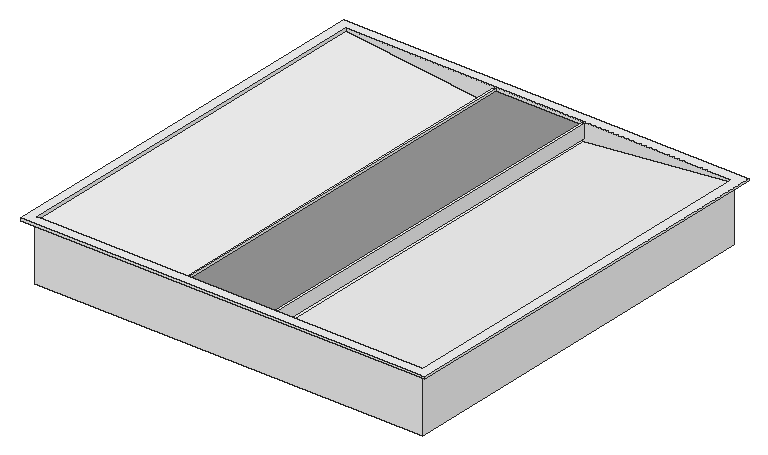
Revit family "2069252", category Lighting Fixtures, host Face, Revit 2017
Family settings
  Host = Face
  Round Connector Dimension = Use Diameter
  Part Type = Normal
  OmniClass Number = 23.80.70.11.17
  OmniClass Title = Specialized Lighting by Location or Use
  Cut with Voids When Loaded = No
  Light Source = Yes
  Shared = No
  Room Calculation Point = No
Parameters (values of type "2069252 OFFICELYTE 600 HO 3K")
  Width_SYL = 595.0 mm
  Weight = "6.0 kg"
  Wattage = 32 W
  WarrantyStartDate [instance] = "n/a"
  WarrantyGuarantorParts = "n/a"
  WarrantyDurationUnit = "n/a"
  WarrantyDurationParts = "n/a"
  WarrantyDescription = "n/a"
  built-in parameter 1150110 = 1 (stored number, unit not read)
  Voltage = 230 V
  URL = "http://www.sylvania-lighting.com"
  TypeName = "OFFICELYTE 600 HO 3K"
  built-in parameter 1114217 = 1 (stored number, unit not read)
  Tilt Angle = -90.00°
  built-in parameter 1150109 = 1 (stored number, unit not read)
  built-in parameter 1150134 = (empty or 0)
  built-in parameter 1150113 = 1 (stored number, unit not read)
  SerialNumber [instance] = "n/a"
  PowerFactor = 0.95
  PowerConsumption = "32 W"
  Photometric Web File = "2069252.ies"
  NominalWidth = 0.0 mm
  NominalLength = 595.0 mm
  NominalHeight = 87.0 mm
  Name = "OFFICELYTE 600 HO 3K"
  ModelReference = "OFFICELYTE 600 HO 3K"
  ModelNumber = "2069252"
  Material = "zintec housing, acrylic diffuser"
  ManufacturerName = "Feilo Sylvania"
  LuminousEfficacy = "135 lm/W"
  LuminaireType = ""
  LightOutputRatio = "100"
  Length_SYL = Width_SYL  # 595.0 mm
  LampsType = Lamp  # "LED"
  LampNominalLuminous = "4314 lm"
  LampMacAdamStep = "n/a"
  LampColourTemperature = "3000 K"
  LampColourRenderingIndex = "80"
  Keynote = "16500"
  InstallationDate [instance] = "n/a"
  InputVoltage = "230-240V~"
  InputNominalFrequency = "50/60 Hz"
  IngressProtection = "IP20"
  ImpactProtectionIndex = "IK02"
  IfcExportType = "IfcLightFixtureType"
  IfcExportAs = "IfcLightFixtureType"
  Height_SYL = 84.0 mm
  ExpectedLife = 50000
  ElectricShockClassification = "Class I"
  DurationUnit = "hours"
  DocumentationLiterature = "http://www.sylvania-lighting.com/product/en-int/products/2069252"
  DimmingControlOptions = "Non dimmable"
  Material_2_SYL = Acrylic_Sylvania_Officelyte LP LED_Satin_4000K
  CreatedOn = "8/23/2018"
  CreatedBy = ""
  built-in parameter 1114216 [instance] = 1 (stored number, unit not read)
  Model = "OFFICELYTE 600 HO 3K"
  Manufacturer = "Havells-Sylvania Group"  # constant formula
  built-in parameter 1150105 = 343.77 (stored number, unit not read)
  Lumens = 4320 lm
  built-in parameter 1150115 = 1 (stored number, unit not read)
  built-in parameter 1150137 = (empty or 0)
  built-in parameter 1150139 = (empty or 0)
  built-in parameter 1150112 = 1 (stored number, unit not read)
  built-in parameter 1150114 = 1 (stored number, unit not read)
  Lamp = "LED"
  built-in parameter 1150132 = 2
  built-in parameter 1150102 = (empty or 0)
  built-in parameter 1150107 = 3000 (stored number, unit not read)
  built-in parameter 1150138 = (empty or 0)
  built-in parameter 1150106 = 3.4377 (stored number, unit not read)
  Material_3_SYL = Steel_Sylvania_Officelyte LP LED_White_RAL 9016
  Emit from Rectangle Width = Width_SYL - 31.0 mm  # 564.0 mm
  Emit from Rectangle Length = Length_SYL - 31.0 mm  # 564.0 mm
  Emit Shape Visible in Rendering = no
  built-in parameter 1150104 = 12.542 (stored number, unit not read)
  Dimming Lamp Color Temperature Shift = <None>
  Material_1_SYL = Steel_Sylvania_Officelyte LP LED_White_RAL 9016
  Description = "The Concord OFFICELYTE LP LED HO 4K 600 is a high efficient luminaire for Office, education, meeting rooms. With efficacy of 95lm/W, at 4549lm, CRI of 85 and a very low glare ratio according to EN12464."  # constant formula
  Default Elevation = 0.0 mm
  Color Filter = 16777215
  built-in parameter 1140040 [instance] = 1
  BarCode [instance] = "n/a"
  built-in parameter 1114218 = 1 (stored number, unit not read)
  built-in parameter 1150133 = 10 (stored number, unit not read)
  AssetType = "Fixed"
  AssetIdentifier [instance] = "n/a"
  Assembly Code = "D5020200"
  Apparent Load = 32 VA
Reference planes
  plane 1 "Center (Front/Back)": y = 0
  plane 2: z = 0
  plane 3 "Center (Left/Right)": x = 0
  plane 4 "Fixture Bottom": z = 3
  plane 5 "Fixture Right": x = 297.5
  plane 6 "Profile Right": x = 284
  plane 7 "Profile Left": x = -284
  plane 8 "Fixture Left": x = -297.5
  plane 9 "Profile Back": y = 284
  plane 10 "Fixture Back": y = 297.5
  plane 11 "Fixture Front": y = -297.5
  plane 12: z = -25
  plane 13 "Box Right": x = 286
  plane 14 "Box Left": x = -286
  plane 15 "Box Back": y = 286
  plane 16 "Box Front": y = -286
  plane 17: x = 66.5
  plane 18: x = -66.5
  plane 19 "Difuser Right": x = 63.5
  plane 20 "Difuser Left": x = -63.5
  plane 21: z = -2
  plane 22: z = -4
  plane 23 "Profile Front": y = -284
  plane 24 "Fixture Top": z = -84
  plane 25 "Box Thickness": z = -82
  plane 26: z = -20
Forms (mm)
  Extrusion 1, void
    sketch origin (0, 0, 59) x (-1, 0, 0) y (0, -1, 0)
      loop
        line (-286, -286) -> (286, -286) -> (286, 286) -> (-286, 286) -> (-286, -286)
    from -141 to -56
  Extrusion 2, solid, material "Steel_Sylvania_Officelyte LP LED_White_RAL 9016" <- "Material_3_SYL", detail levels fine
    sketch origin (20, 0, 59) x (-1, 0, 0) y (0, -1, 0)
      loop
        line (-277.5, -297.5) -> (317.5, -297.5) -> (317.5, 297.5) -> (-277.5, 297.5) -> (-277.5, -297.5)
      loop
        line (304, -284) -> (304, 284) -> (-264, 284) -> (-264, -284) -> (304, -284)
    from -59 to -56
  Extrusion 3, solid, material "Steel_Sylvania_Officelyte LP LED_White_RAL 9016" <- "Material_3_SYL", detail levels fine
    sketch origin (0, 0, 0) x (1, 0, 0) y (0, 0, 1)
      loop
        arc (-65.868, -23.244) -> (-175.523, -17.552) -> (-284, -0.537) r 1059.086
        line (-284, -0.537) -> (-284, -2.581)
        arc (-284, -2.581) -> (-175.521, -19.563) -> (-65.868, -25.244) r 1061.086
        line (-65.868, -25.244) -> (65.87, -25.244)
        arc (65.87, -25.244) -> (175.522, -19.563) -> (284, -2.581) r 1061.094
        line (284, -2.581) -> (284, -0.538)
        arc (284, -0.538) -> (175.524, -17.552) -> (65.87, -23.244) r 1059.094
        line (65.87, -23.244) -> (-65.868, -23.244)
    from -284 to 284
  Extrusion 4, solid, material "Steel_Sylvania_Officelyte LP LED_White_RAL 9016" <- "Material_3_SYL", detail levels fine
    sketch origin (0, 0, 59) x (-1, 0, 0) y (0, -1, 0)
      loop
        line (284, -284) -> (284, 284) -> (-284, 284) -> (-284, -284) -> (284, -284)
      loop
        line (286, -286) -> (286, 286) -> (-286, 286) -> (-286, -286) -> (286, -286)
    from -141 to -59
  Extrusion 5, solid, material "Steel_Sylvania_Officelyte LP LED_White_RAL 9016" <- "Material_3_SYL", detail levels fine
    sketch origin (0, 0, 59) x (-1, 0, 0) y (0, -1, 0)
      loop
        line (66.5, -284) -> (66.5, 284) -> (63.5, 284) -> (63.5, -284) -> (66.5, -284)
      loop
        line (-66.5, 284) -> (-66.5, -284) -> (-63.5, -284) -> (-63.5, 284) -> (-66.5, 284)
    from -79 to -59
  Extrusion 6, solid, material "Acrylic_Sylvania_Officelyte LP LED_Satin_4000K" <- "Material_2_SYL", detail levels fine
    sketch origin (0, 0, -581) x (-1, 0, 0) y (0, -1, 0)
      loop
        line (-63.5, -284) -> (63.5, -284) -> (63.5, 284) -> (-63.5, 284) -> (-63.5, -284)
    from 577 to 579
  Extrusion 7, solid, material "Steel_Sylvania_Officelyte LP LED_White_RAL 9016" <- "Material_1_SYL", detail levels coarse+medium
    sketch origin (0, 0, 59) x (-1, 0, 0) y (0, -1, 0)
      loop
        line (297.5, -297.5) -> (297.5, 297.5) -> (-297.5, 297.5) -> (-297.5, -297.5) -> (297.5, -297.5)
    from -59 to -56
  Extrusion 8, solid, material "Steel_Sylvania_Officelyte LP LED_White_RAL 9016" <- "Material_1_SYL", detail levels coarse+medium
    sketch origin (0, 0, -501) x (-1, 0, 0) y (0, -1, 0)
      loop
        line (286, -286) -> (286, 286) -> (-286, 286) -> (-286, -286) -> (286, -286)
    from 417 to 501
  Extrusion 9, solid, material "Steel_Sylvania_Officelyte LP LED_White_RAL 9016" <- "Material_3_SYL", detail levels fine
    sketch origin (0, 0, 59) x (-1, 0, 0) y (0, -1, 0)
      loop
        line (-286, -286) -> (286, -286) -> (286, 286) -> (-286, 286) -> (-286, -286)
    from -143 to -141
Cuts and joins
  joined: Extrusion 2, Extrusion 4, Extrusion 9
  joined: Extrusion 3, Extrusion 5
Lines and regions (mm)
  symbolic lines
    curve 1: line (-297.5, 297.5, 59) -> (297.5, 297.5, 59)
    curve 2: line (-297.5, -297.5, 59) -> (-297.5, 297.5, 59)
    curve 3: line (297.5, -297.5, 59) -> (-297.5, -297.5, 59)
    curve 4: line (297.5, 297.5, 59) -> (297.5, -297.5, 59)
Dimensions and locks
  "Height_SYL": host face to plane 24 "Fixture Top"
  locked: plane 25 "Box Thickness" to plane 24 "Fixture Top" at 2
  "Width_SYL": plane 10 "Fixture Back" to plane 11 "Fixture Front"
  "Length_SYL": plane 8 "Fixture Left" to plane 5 "Fixture Right"
  equal spacing: plane 10 "Fixture Back", plane 1 "Center (Front/Back)", plane 11 "Fixture Front"
  equal spacing: plane 8 "Fixture Left", plane 3 "Center (Left/Right)", plane 5 "Fixture Right"
  locked: plane 18 to plane 20 "Difuser Left" at 3
  locked: plane 19 "Difuser Right" to plane 17 at 3
  plane 8 "Fixture Left" to plane 14 "Box Left" to plane 7 "Profile Left" = 11.5 mm locked, 2.0 mm locked
  plane 10 "Fixture Back" to plane 15 "Box Back" to plane 9 "Profile Back" = 11.5 mm locked, 2.0 mm locked
  plane 6 "Profile Right" to plane 13 "Box Right" to plane 5 "Fixture Right" = 2.0 mm locked, 11.5 mm locked
  plane 23 "Profile Front" to plane 16 "Box Front" to plane 11 "Fixture Front" = 2.0 mm locked, 11.5 mm locked
  plane 4 "Fixture Bottom" to plane 2 to plane 21 to plane 22 to plane 12 = 3.0 mm locked, 2.0 mm locked, 2.0 mm locked, 21.0 mm locked
  aligned and locked: plane 2 to host face
  aligned and locked: level to host face
  aligned and locked: plane 1 "Center (Front/Back)" to imposter light
  aligned and locked: plane 10 "Fixture Back" to Extrusion 2
  aligned and locked: plane 8 "Fixture Left" to Extrusion 2
  aligned and locked: Extrusion 2 to plane 7 "Profile Left"
  aligned and locked: Extrusion 2 to plane 5 "Fixture Right"
  aligned and locked: plane 6 "Profile Right" to Extrusion 2
  aligned and locked: Extrusion 2 to plane 11 "Fixture Front"
  aligned and locked: plane 4 "Fixture Bottom" to Extrusion 2
  aligned and locked: plane 18 to Extrusion 5 sketch curve
  aligned and locked: Extrusion 5 sketch curve to plane 17
  aligned and locked: plane 19 "Difuser Right" to Extrusion 5 sketch curve
  aligned and locked: Extrusion 5 sketch curve to plane 20 "Difuser Left"
  aligned and locked: plane 19 "Difuser Right" to Extrusion 6 sketch curve
  aligned and locked: Extrusion 6 sketch curve to plane 20 "Difuser Left"
  aligned and locked: plane 21 to Extrusion 6
  aligned and locked: Extrusion 6 to plane 22
  aligned and locked: Extrusion 7 sketch curve to plane 10 "Fixture Back"
  aligned and locked: plane 5 "Fixture Right" to Extrusion 7 sketch curve
  aligned and locked: plane 11 "Fixture Front" to Extrusion 7 sketch curve
  aligned and locked: Extrusion 7 sketch curve to plane 8 "Fixture Left"
  aligned and locked: plane 4 "Fixture Bottom" to Extrusion 7
  aligned and locked: Extrusion 8 to plane 24 "Fixture Top"
  aligned and locked: level to Extrusion 8
  aligned and locked: plane 5 "Fixture Right" to curve 4
  aligned and locked: curve 1 to plane 10 "Fixture Back"
  aligned and locked: curve 2 to plane 8 "Fixture Left"
  aligned and locked: plane 11 "Fixture Front" to curve 3
  aligned and locked: plane 9 "Profile Back" to Extrusion 4
  aligned and locked: Extrusion 4 sketch curve to plane 9 "Profile Back"
  aligned and locked: Extrusion 4 to Extrusion 1
  aligned and locked: imposter light to Extrusion 1
  aligned and locked: Extrusion 9 to plane 24 "Fixture Top"
  aligned and locked: plane 25 "Box Thickness" to Extrusion 9
  aligned and locked: cut or joined group of Extrusion 2, Extrusion 4, Extrusion 9 to plane 25 "Box Thickness"
  aligned and locked: Extrusion 4 sketch curve to plane 13 "Box Right"
  aligned and locked: plane 15 "Box Back" to Extrusion 4 sketch curve
  aligned and locked: Extrusion 4 sketch curve to plane 14 "Box Left"
  aligned and locked: plane 16 "Box Front" to Extrusion 4 sketch curve
  aligned and locked: Extrusion 9 sketch curve to plane 16 "Box Front"
  aligned and locked: plane 13 "Box Right" to Extrusion 9 sketch curve
  aligned and locked: Extrusion 9 sketch curve to plane 15 "Box Back"
  aligned and locked: Extrusion 9 sketch curve to plane 14 "Box Left"
  aligned and locked: plane 7 "Profile Left" to cut or joined group of Extrusion 3, Extrusion 5
  aligned and locked: cut or joined group of Extrusion 3, Extrusion 5 to plane 6 "Profile Right"
  aligned and locked: plane 9 "Profile Back" to cut or joined group of Extrusion 3, Extrusion 5
  aligned and locked: cut or joined group of Extrusion 3, Extrusion 5 to plane 23 "Profile Front"
  aligned and locked: plane 23 "Profile Front" to Extrusion 5 sketch curve
  aligned and locked: Extrusion 5 sketch curve to plane 9 "Profile Back"
  aligned and locked: Extrusion 8 sketch curve to plane 13 "Box Right"
  aligned and locked: plane 15 "Box Back" to Extrusion 8 sketch curve
  aligned and locked: plane 16 "Box Front" to Extrusion 8 sketch curve
  aligned and locked: plane 14 "Box Left" to Extrusion 8 sketch curve
  aligned and locked: Extrusion 1 sketch curve to Extrusion 8  (x4)
  aligned and locked: Extrusion 6 sketch curve to plane 23 "Profile Front"
  aligned and locked: plane 9 "Profile Back" to Extrusion 6 sketch curve
  aligned and locked: cut or joined group of Extrusion 3, Extrusion 5 to plane 26
  aligned and locked: plane 4 "Fixture Bottom" to imposter light
Automatic sketch dimensions
  host sketch curve to host sketch curve = 1305.563 mm
  host sketch curve to host sketch curve = 1414.187 mm
  Extrusion 2 sketch curve to plane 5 "Fixture Right" = 0.0 mm
  Extrusion 2 sketch curve to plane 6 "Profile Right" = 0.0 mm
  Extrusion 2 sketch curve to plane 7 "Profile Left" = 0.0 mm
  Extrusion 2 sketch curve to plane 8 "Fixture Left" = 0.0 mm
  Extrusion 2 sketch curve to plane 10 "Fixture Back" = 0.0 mm
  plane 9 "Profile Back" to Extrusion 2 sketch curve = 0.0 mm
  Extrusion 2 sketch curve to plane 23 "Profile Front" = 0.0 mm
  Extrusion 2 sketch curve to plane 11 "Fixture Front" = 0.0 mm
  Extrusion 3 sketch curve to Extrusion 3 sketch curve = 0.0 mm  (x2)
  Extrusion 3 sketch curve to Extrusion 3 sketch curve = 0.001 mm  (x2)
  Extrusion 3 sketch curve to level = 0.537 mm
  plane 14 "Box Left" to Extrusion 3 sketch curve = 2.0 mm
  Extrusion 3 sketch curve to plane 12 = 0.244 mm
  plane 18 to Extrusion 3 sketch curve = 0.632 mm
  Extrusion 3 sketch curve to plane 17 = 0.63 mm
  Extrusion 3 sketch curve to level = 0.538 mm
  Extrusion 3 sketch curve to plane 13 "Box Right" = 2.0 mm
  Extrusion 3 sketch curve to level = 23.244 mm
  Extrusion 4 sketch curve to plane 6 "Profile Right" = 0.0 mm
  Extrusion 4 sketch curve to plane 7 "Profile Left" = 0.0 mm
  Extrusion 4 sketch curve to plane 23 "Profile Front" = 0.0 mm
  Extrusion 5 sketch curve to plane 9 "Profile Back" = 0.0 mm
  Extrusion 5 sketch curve to plane 23 "Profile Front" = 0.0 mm
Connectors
  electrical at (0, 0, -84), driven by "Apparent Load"
    settings: on Extrusion 8, index 1, voltage 230 V, apparent load 0 VA, apparent load phase1 32 VA, apparent load phase2 0 VA, apparent load phase3 0 VA, power factor 1, load classification "Lighting", number of poles 1, system type 31, power factor state 1, is connector primary yes, connector utility no, sub classification motor no, connector description ""
